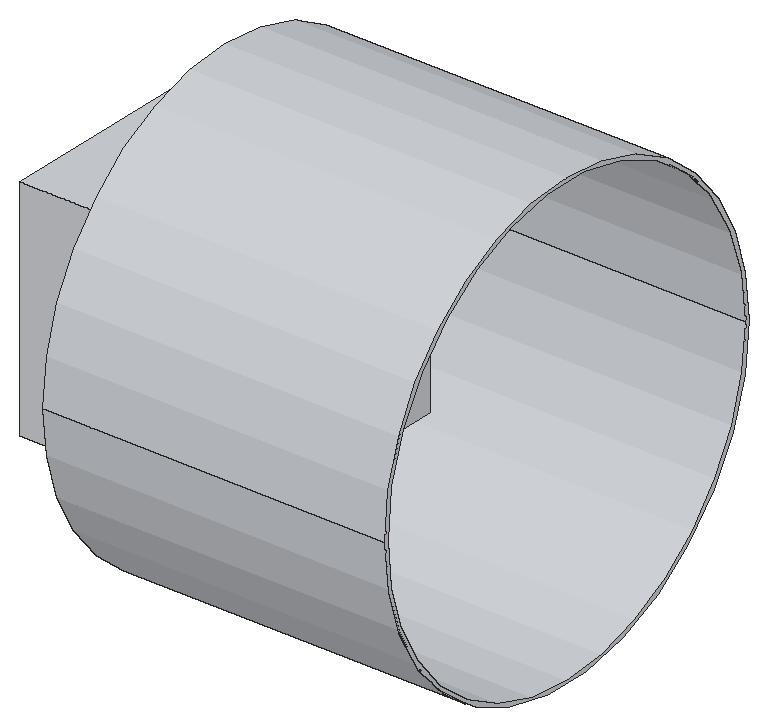
Revit family "DR-WS", category Pipe Accessories, Revit 2021
Family settings
  Round Connector Dimension = Use Diameter
  Part Type = Normal
  Work Plane-Based = Yes
  Always vertical = Yes
  Cut with Voids When Loaded = No
  Shared = No
Parameters
  TS_Point_Number [instance] = ""
  TS_Point_Description [instance] = "DR-WS"
  Length [instance] = 0' - 1 1/2"
  Inner Diameter [instance] = Diameter - 0' 0 1/32"  # 0' - 1.96718"
  GTP_PointRole_0 [instance] = ""
  GTP_PointNumber_0 [instance] = ""
  GTP_PointElement_0 [instance] = ""
  GTP_LinkedParam_0 [instance] = "GTP_PointNumber_0"
  Diameter [instance] = 0' - 1.99843"
  Default Elevation = 4' - 0"
Reference planes (in)
  plane 1 "Center (Front/Back)": y = 0
  plane 2: z = 0
  plane 3 "Center (Left/Right)": x = 0
  plane 4: x = 1.5
  plane 5: y = 0.98359
  plane 6: y = -0.98359
Forms (in)
  Extrusion 1, solid
    sketch origin (0, 0, 3) x (0, 1, 0) y (0, 0, 1)
      loop
        circle (0, -3) r 0.99922
      loop
        circle (0, -3) r 0.98359
    from 0 to 1.5
Lines and regions (in)
  model lines, style "Drop Wall Sleeve"
    curve 1: line (0, -0.98359, 0) -> (0, 0.98359, 0)
    curve 2: line (0.5, -0.98359, 0) -> (0.5, 0.98359, 0)
    curve 3: line (1, -0.98359, 0) -> (1, 0.98359, 0)
Dimensions and locks (in)
  "Inner Diameter": plane 5 to plane 6
  equal spacing: plane 5, plane 1 "Center (Front/Back)", plane 6
  "Length": plane 3 "Center (Left/Right)" to plane 4
  "Diameter": diameter of Extrusion 1 sketch curve
  "Inner Diameter": diameter of Extrusion 1 sketch curve
  aligned and locked: plane 2 to level
  aligned and locked: plane 4 to Extrusion 1
  aligned and locked: plane 5 to curve 2
  aligned and locked: plane 5 to curve 1
  aligned and locked: Extrusion 1 to plane 3 "Center (Left/Right)"
Automatic sketch dimensions
  curve 3 to curve 3 = 0' - 1.96718"
  curve 3 to plane 4 = 0' - 0 1/2"
  curve 3 to plane 5 = 0' - 0"
  curve 3 to plane 6 = 0' - 0"
  curve 2 to curve 2 = 0' - 1.96718"
  curve 2 to plane 5 = 0' - 0"
  curve 2 to plane 6 = 0' - 0"
  plane 3 "Center (Left/Right)" to curve 2 = 0' - 0 1/2"
  curve 1 to curve 1 = 0' - 1.96718"
  curve 1 to plane 3 "Center (Left/Right)" = 0' - 0"
  curve 1 to plane 6 = 0' - 0"
  curve 1 to plane 5 = 0' - 0"
  Extrusion 1 sketch curve to Extrusion 1 sketch curve = 0' - 0"  (x2)
  Extrusion 1 sketch curve to level = 0' - 0"
  Extrusion 1 sketch curve to plane 1 "Center (Front/Back)" = 0' - 0"
Nested families (in)
  nested 1: "GTP" at (0, 0, 0), PointNumber <- "GTP_PointNumber_0", PointRole <- "GTP_PointRole_0", PointElement <- "GTP_PointElement_0", LinkedParam <- "GTP_LinkedParam_0", PointDescription <- "TS_Point_Description", type "Generic Pt"
    with PointRole "", PointNumber "", PointElement "", PointDescription "DR-WS", LinkedParam "GTP_PointNumber_0"
Definition of nested family "GTP"
  Parameters (values of type "Generic Pt")
    URL = ""
    PointRole [instance] = "Stake Out"
    PointNumber [instance] = ""
    PointElement [instance] = ""
    PointDescription [instance] = "Generic Pt"
    Manufacturer = "Autodesk Inc."
    LinkedParam [instance] = ""
    Default Elevation = 0' - 0"
  Reference planes (in)
    plane 1 "Center (Front/Back)": y = 0
    plane 2: z = 0
    plane 3 "Center (Left/Right)": x = 0
  Forms (in)
    Extrusion 1, solid, detail levels medium+fine
      sketch origin (0, 0, 0) x (1, 0, 0) y (0, 1, 0)
        loop
          line (0.5, -0.5) -> (0.5, 0.5) -> (-0.5, 0.5) -> (-0.5, -0.5) -> (0.5, -0.5)
      from -0.5 to 0.5
  Lines and regions (in)
    model lines, detail levels coarse+medium
      curve 1: line (0, 0.5, 0) -> (0, 0, 0)
      curve 2: line (-0.5, 0, 0) -> (0, 0, 0)
      curve 3: line (0, 0, -0.5) -> (0, 0, 0)
      curve 4: line (0, 0, 0) -> (0.5, 0, 0)
      curve 5: line (0, 0, 0) -> (0, -0.5, 0)
      curve 6: line (0, 0, 0) -> (0, 0, 0.5)
